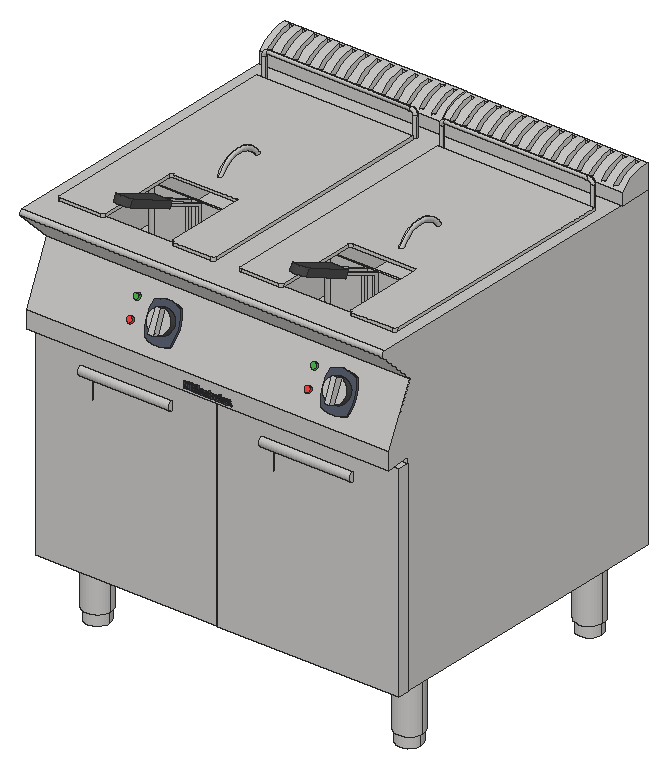
Revit family "QF_ELECTROLUXPROFESSIONAL_371082_E7FREH2GF0", category Specialty Equipment, Revit 2018 (continued)
Automatic sketch dimensions
  Extrusion 18 sketch curve to Extrusion 18 sketch curve = 0 mm
  Extrusion 18 sketch curve to Extrusion 18 sketch curve = 11.832 mm
  Extrusion 18 sketch curve to Extrusion 18 sketch curve = 106.78 mm
  Extrusion 18 sketch curve to Extrusion 18 sketch curve = 18.617 mm
  Extrusion 20 sketch curve to plane 11 = 1.013 mm
  Extrusion 20 sketch curve to plane 11 = 3.696 mm
  Extrusion 20 sketch curve to plane 10 "TOP A" = 11.567 mm
  Extrusion 20 sketch curve to plane 11 = 84.899 mm
  Extrusion 20 sketch curve to plane 10 "TOP A" = 7.522 mm
  Extrusion 20 sketch curve to Extrusion 20 sketch curve = 6.35 mm
  Extrusion 20 sketch curve to Extrusion 20 sketch curve = 97.432 mm
  Extrusion 21 sketch curve to plane 11 = 1.013 mm
  Extrusion 21 sketch curve to plane 11 = 3.696 mm
  Extrusion 21 sketch curve to plane 10 "TOP A" = 11.567 mm
  Extrusion 21 sketch curve to plane 11 = 84.899 mm
  Extrusion 21 sketch curve to Extrusion 21 sketch curve = 6.35 mm
  Extrusion 21 sketch curve to Extrusion 21 sketch curve = 97.432 mm
  Extrusion 21 sketch curve to plane 10 "TOP A" = 7.522 mm
  plane 1 "BACK" to Extrusion 23 sketch curve = 6.761 mm
  Extrusion 23 sketch curve to plane 7 "Center Y" = 15.351 mm
  Extrusion 23 sketch curve to Extrusion 23 sketch curve = 9.296 mm
  Extrusion 23 sketch curve to Extrusion 23 sketch curve = 57.15 mm
  plane 1 "BACK" to Extrusion 24 sketch curve = 6.761 mm
  plane 3 "LEFT" to Extrusion 24 sketch curve = 50.591 mm
  Extrusion 24 sketch curve to Extrusion 24 sketch curve = 9.296 mm
  Extrusion 24 sketch curve to Extrusion 24 sketch curve = 57.15 mm
  plane 1 "BACK" to Extrusion 25 sketch curve = 6.761 mm
  plane 3 "LEFT" to Extrusion 25 sketch curve = 78.433 mm
  Extrusion 25 sketch curve to Extrusion 25 sketch curve = 9.296 mm
  Extrusion 25 sketch curve to Extrusion 25 sketch curve = 57.15 mm
  plane 1 "BACK" to Extrusion 26 sketch curve = 6.761 mm
  plane 3 "LEFT" to Extrusion 26 sketch curve = 106.275 mm
  Extrusion 26 sketch curve to Extrusion 26 sketch curve = 9.296 mm
  Extrusion 26 sketch curve to Extrusion 26 sketch curve = 57.15 mm
  plane 1 "BACK" to Extrusion 27 sketch curve = 6.761 mm
  plane 3 "LEFT" to Extrusion 27 sketch curve = 134.118 mm
  Extrusion 27 sketch curve to Extrusion 27 sketch curve = 9.296 mm
  Extrusion 27 sketch curve to Extrusion 27 sketch curve = 57.15 mm
  plane 1 "BACK" to Extrusion 28 sketch curve = 6.761 mm
  plane 3 "LEFT" to Extrusion 28 sketch curve = 161.96 mm
  Extrusion 28 sketch curve to Extrusion 28 sketch curve = 9.296 mm
  Extrusion 28 sketch curve to Extrusion 28 sketch curve = 57.15 mm
  plane 1 "BACK" to Extrusion 29 sketch curve = 6.761 mm
  plane 3 "LEFT" to Extrusion 29 sketch curve = 189.802 mm
  Extrusion 29 sketch curve to Extrusion 29 sketch curve = 9.296 mm
  Extrusion 29 sketch curve to Extrusion 29 sketch curve = 57.15 mm
  plane 1 "BACK" to Extrusion 30 sketch curve = 6.761 mm
  Extrusion 30 sketch curve to plane 7 "Center Y" = 182.405 mm
  Extrusion 30 sketch curve to Extrusion 30 sketch curve = 9.296 mm
  Extrusion 30 sketch curve to Extrusion 30 sketch curve = 57.15 mm
  plane 1 "BACK" to Extrusion 31 sketch curve = 6.761 mm
  Extrusion 31 sketch curve to plane 7 "Center Y" = 154.563 mm
  Extrusion 31 sketch curve to Extrusion 31 sketch curve = 9.296 mm
  Extrusion 31 sketch curve to Extrusion 31 sketch curve = 57.15 mm
  plane 1 "BACK" to Extrusion 32 sketch curve = 6.761 mm
  Extrusion 32 sketch curve to plane 7 "Center Y" = 126.721 mm
  Extrusion 32 sketch curve to Extrusion 32 sketch curve = 9.296 mm
  Extrusion 32 sketch curve to Extrusion 32 sketch curve = 57.15 mm
  plane 1 "BACK" to Extrusion 33 sketch curve = 6.761 mm
  Extrusion 33 sketch curve to plane 7 "Center Y" = 98.878 mm
  Extrusion 33 sketch curve to Extrusion 33 sketch curve = 9.296 mm
  Extrusion 33 sketch curve to Extrusion 33 sketch curve = 57.15 mm
  plane 1 "BACK" to Extrusion 34 sketch curve = 6.761 mm
  Extrusion 34 sketch curve to plane 7 "Center Y" = 71.036 mm
  Extrusion 34 sketch curve to Extrusion 34 sketch curve = 9.296 mm
  Extrusion 34 sketch curve to Extrusion 34 sketch curve = 57.15 mm
  plane 1 "BACK" to Extrusion 35 sketch curve = 6.761 mm
  Extrusion 35 sketch curve to plane 7 "Center Y" = 43.194 mm
  Extrusion 35 sketch curve to Extrusion 35 sketch curve = 9.296 mm
  Extrusion 35 sketch curve to Extrusion 35 sketch curve = 57.15 mm
  Extrusion 37 sketch curve to plane 1 "BACK" = 6.761 mm
  Extrusion 37 sketch curve to plane 7 "Center Y" = 15.351 mm
  Extrusion 37 sketch curve to Extrusion 37 sketch curve = 9.296 mm
  Extrusion 37 sketch curve to Extrusion 37 sketch curve = 57.15 mm
  Extrusion 44 sketch curve to plane 1 "BACK" = 6.761 mm
  Extrusion 44 sketch curve to plane 7 "Center Y" = 182.405 mm
  Extrusion 44 sketch curve to Extrusion 44 sketch curve = 9.296 mm
  Extrusion 44 sketch curve to Extrusion 44 sketch curve = 57.15 mm
  Extrusion 45 sketch curve to plane 1 "BACK" = 6.761 mm
  Extrusion 45 sketch curve to plane 7 "Center Y" = 154.563 mm
  Extrusion 45 sketch curve to Extrusion 45 sketch curve = 9.296 mm
  Extrusion 45 sketch curve to Extrusion 45 sketch curve = 57.15 mm
  Extrusion 46 sketch curve to plane 1 "BACK" = 6.761 mm
  Extrusion 46 sketch curve to plane 7 "Center Y" = 126.721 mm
  Extrusion 46 sketch curve to Extrusion 46 sketch curve = 9.296 mm
  Extrusion 46 sketch curve to Extrusion 46 sketch curve = 57.15 mm
  Extrusion 47 sketch curve to plane 1 "BACK" = 6.761 mm
  Extrusion 47 sketch curve to plane 7 "Center Y" = 98.878 mm
  Extrusion 47 sketch curve to Extrusion 47 sketch curve = 9.296 mm
  Extrusion 47 sketch curve to Extrusion 47 sketch curve = 57.15 mm
  Extrusion 48 sketch curve to plane 1 "BACK" = 6.761 mm
  Extrusion 48 sketch curve to plane 7 "Center Y" = 71.036 mm
  Extrusion 48 sketch curve to Extrusion 48 sketch curve = 9.296 mm
  Extrusion 48 sketch curve to Extrusion 48 sketch curve = 57.15 mm
  Extrusion 49 sketch curve to plane 1 "BACK" = 6.761 mm
  Extrusion 49 sketch curve to plane 7 "Center Y" = 43.194 mm
  Extrusion 49 sketch curve to Extrusion 49 sketch curve = 9.296 mm
  Extrusion 49 sketch curve to Extrusion 49 sketch curve = 57.15 mm
  plane 1 "BACK" to Extrusion 50 sketch curve = 0 mm
  plane 7 "Center Y" to Extrusion 50 sketch curve = 1.587 mm
  Extrusion 50 sketch curve to plane 7 "Center Y" = 1.588 mm
  Extrusion 50 sketch curve to plane 1 "BACK" = 69.85 mm
  Extrusion 52 sketch curve to plane 5 "FRONT" = 42.863 mm
  Extrusion 52 sketch curve to Extrusion 52 sketch curve = 15 mm
  Extrusion 52 sketch curve to plane 9 "BASE" = 101.212 mm
  Extrusion 52 sketch curve to Extrusion 52 sketch curve = 41.212 mm
  Extrusion 53 sketch curve to plane 5 "FRONT" = 42.863 mm
  Extrusion 53 sketch curve to plane 9 "BASE" = 60 mm
  Extrusion 53 sketch curve to Extrusion 53 sketch curve = 10 mm
  Extrusion 54 sketch curve to plane 5 "FRONT" = 42.863 mm
  Extrusion 54 sketch curve to Extrusion 54 sketch curve = 15 mm
  Extrusion 54 sketch curve to plane 9 "BASE" = 60 mm
  Extrusion 54 sketch curve to Extrusion 54 sketch curve = 41.212 mm
  Extrusion 55 sketch curve to plane 5 "FRONT" = 42.863 mm
  Extrusion 55 sketch curve to plane 9 "BASE" = 40 mm
  Extrusion 55 sketch curve to Extrusion 55 sketch curve = 10 mm
  Revolve 56 sketch curve to level = 0 mm
  Revolve 56 sketch curve to plane 14 = 0 mm  (x2)
  level to Revolve 56 sketch curve = 25 mm
  Revolve 56 sketch curve to Revolve 56 sketch curve = 20 mm
  plane 3 "LEFT" to Revolve 56 sketch curve = 56 mm
  Revolve 56 sketch curve to Revolve 56 sketch curve = 0 mm
  plane 3 "LEFT" to Revolve 56 sketch curve = 29.75 mm
  plane 3 "LEFT" to Revolve 56 sketch curve = 26 mm
  Revolve 57 sketch curve to level = 0 mm
  Revolve 57 sketch curve to plane 14 = 0 mm  (x2)
  level to Revolve 57 sketch curve = 25 mm
  Revolve 57 sketch curve to Revolve 57 sketch curve = 20 mm
  plane 3 "LEFT" to Revolve 57 sketch curve = 56 mm
  Revolve 57 sketch curve to Revolve 57 sketch curve = 0 mm
  plane 3 "LEFT" to Revolve 57 sketch curve = 29.75 mm
  plane 3 "LEFT" to Revolve 57 sketch curve = 26 mm
  plane 3 "LEFT" to curve 170 = 13.453 mm
  curve 170 to curve 170 = 9.296 mm
  curve 170 to curve 172 = 18.547 mm
  curve 172 to curve 172 = 9.296 mm
  curve 172 to curve 173 = 18.547 mm
  curve 173 to curve 173 = 9.296 mm
  curve 173 to curve 174 = 18.547 mm
  curve 174 to curve 174 = 9.296 mm
  curve 174 to curve 175 = 18.547 mm
  curve 175 to curve 175 = 9.296 mm
  curve 175 to curve 176 = 18.547 mm
  curve 176 to curve 176 = 9.296 mm
  curve 176 to curve 177 = 18.547 mm
  curve 177 to curve 177 = 9.296 mm
  curve 177 to curve 178 = 18.547 mm
  curve 178 to curve 178 = 9.296 mm
  curve 178 to curve 179 = 18.547 mm
  curve 179 to curve 179 = 9.296 mm
  curve 179 to curve 180 = 18.547 mm
  curve 180 to curve 180 = 9.296 mm
  curve 180 to curve 181 = 18.547 mm
  curve 181 to curve 181 = 9.296 mm
  curve 181 to curve 182 = 18.547 mm
  curve 182 to curve 182 = 9.296 mm
  curve 182 to curve 183 = 18.547 mm
  curve 183 to curve 183 = 9.296 mm
  curve 183 to curve 171 = 18.547 mm
  curve 171 to curve 171 = 9.296 mm
  plane 7 "Center Y" to curve 185 = 15.351 mm
  curve 185 to curve 185 = 9.296 mm
  curve 185 to curve 197 = 18.547 mm
  curve 197 to curve 197 = 9.296 mm
  curve 197 to curve 196 = 18.547 mm
  curve 196 to curve 196 = 9.296 mm
  curve 196 to curve 195 = 18.547 mm
  curve 195 to curve 195 = 9.296 mm
  curve 195 to curve 194 = 18.547 mm
  curve 194 to curve 194 = 9.296 mm
  curve 194 to curve 193 = 18.547 mm
  curve 193 to curve 193 = 9.296 mm
  curve 193 to curve 192 = 18.547 mm
  curve 192 to curve 192 = 9.296 mm
  curve 192 to curve 191 = 18.547 mm
  curve 191 to curve 191 = 9.296 mm
  curve 191 to curve 190 = 18.547 mm
  curve 190 to curve 190 = 9.296 mm
  curve 190 to curve 189 = 18.547 mm
  curve 189 to curve 189 = 9.296 mm
  curve 189 to curve 188 = 18.547 mm
  curve 188 to curve 188 = 9.296 mm
  curve 188 to curve 187 = 18.547 mm
  curve 187 to curve 187 = 9.296 mm
  curve 187 to curve 186 = 18.547 mm
  curve 186 to curve 186 = 9.296 mm
  curve 186 to curve 184 = 18.547 mm
  curve 184 to curve 184 = 9.296 mm
  plane 1 "BACK" to curve 170 = 63.911 mm
  plane 1 "BACK" to curve 171 = 63.911 mm
  curve 170 to curve 172 = 0 mm
  curve 172 to curve 173 = 0 mm
  curve 173 to curve 174 = 0 mm
  curve 174 to curve 175 = 0 mm
  curve 175 to curve 176 = 0 mm
  curve 176 to curve 177 = 0 mm
  curve 177 to curve 178 = 0 mm
  curve 178 to curve 179 = 0 mm
  curve 179 to curve 180 = 0 mm
  curve 180 to curve 181 = 0 mm
  curve 181 to curve 182 = 0 mm
  curve 182 to curve 183 = 0 mm
  plane 1 "BACK" to curve 184 = 63.911 mm
  curve 171 to curve 185 = 0 mm
  curve 186 to curve 184 = 0 mm
  curve 187 to curve 186 = 0 mm
  curve 188 to curve 187 = 0 mm
  curve 189 to curve 188 = 0 mm
  curve 190 to curve 189 = 0 mm
  curve 191 to curve 190 = 0 mm
  curve 192 to curve 191 = 0 mm
  curve 193 to curve 192 = 0 mm
  curve 194 to curve 193 = 0 mm
  curve 195 to curve 194 = 0 mm
  curve 196 to curve 195 = 0 mm
  curve 197 to curve 196 = 0 mm
  Extrusion 2 sketch curve to plane 10 "TOP A" = 0 mm
  Extrusion 2 sketch curve to plane 1 "BACK" = 0 mm
  Extrusion 2 sketch curve to plane 6 "TOP" = 0 mm
  plane 1 "BACK" to Extrusion 2 sketch curve = 1.769 mm
  plane 10 "TOP A" to Extrusion 2 sketch curve = 25.4 mm
  plane 1 "BACK" to Extrusion 2 sketch curve = 69.85 mm
  plane 12 to Extrusion 3 sketch curve = 0.124 mm  (x2)
  Extrusion 3 sketch curve to plane 4 "RIGHT" = 33.338 mm
  plane 7 "Center Y" to Extrusion 3 sketch curve = 26.988 mm
  Extrusion 3 sketch curve to plane 7 "Center Y" = 26.988 mm
  plane 3 "LEFT" to Extrusion 3 sketch curve = 33.338 mm
  plane 11 to Extrusion 3 sketch curve = 57.877 mm
  Extrusion 3 sketch curve to Extrusion 3 sketch curve = 0 mm
  Extrusion 5 sketch curve to Extrusion 1 = 31.333 mm  (x4)
  Extrusion 5 sketch curve to Extrusion 5 sketch curve = 12.3 mm  (x6)
  Extrusion 5 sketch curve to Extrusion 5 sketch curve = 34.925 mm  (x4)
  Extrusion 1 to Extrusion 5 sketch curve = 44.467 mm  (x2)
  Extrusion 1 to Extrusion 5 sketch curve = 76.335 mm
  Extrusion 5 sketch curve to Extrusion 5 sketch curve = 25.727 mm  (x4)
  Extrusion 5 sketch curve to Extrusion 5 sketch curve = 28.575 mm  (x2)
  Extrusion 5 sketch curve to Extrusion 5 sketch curve = 280.219 mm
  Extrusion 6 sketch curve to Extrusion 6 sketch curve = 0 mm
  Extrusion 6 sketch curve to Extrusion 6 sketch curve = 388.937 mm
  Extrusion 7 sketch curve to Extrusion 7 sketch curve = 24.732 mm  (x2)
  Extrusion 7 sketch curve to Extrusion 7 sketch curve = 0 mm  (x2)
  Extrusion 1 to Extrusion 8 sketch curve = 39.678 mm  (x2)
  Extrusion 1 to Extrusion 8 sketch curve = 194.515 mm
  Extrusion 1 to Extrusion 8 sketch curve = 213.473 mm
  Extrusion 9 sketch curve to Extrusion 1 = 50.809 mm  (x2)
  Extrusion 1 to Extrusion 9 sketch curve = 194.515 mm
  Extrusion 1 to Extrusion 9 sketch curve = 213.473 mm
  plane 1 "BACK" to Extrusion 10 sketch curve = 0 mm
  Extrusion 10 sketch curve to plane 3 "LEFT" = 0 mm
  Extrusion 10 sketch curve to plane 4 "RIGHT" = 0 mm
  Extrusion 10 sketch curve to plane 3 "LEFT" = 150.019 mm
  plane 5 "FRONT" to Extrusion 10 sketch curve = 1.377 mm  (x2)
  plane 4 "RIGHT" to Extrusion 10 sketch curve = 150.019 mm
  Extrusion 10 sketch curve to plane 1 "BACK" = 150.019 mm
  curve 168 to plane 4 "RIGHT" = 0 mm
  curve 7 to plane 4 "RIGHT" = 0 mm
  plane 5 "FRONT" to curve 169 = 0 mm
  plane 1 "BACK" to curve 163 = 0 mm
  curve 6 to plane 3 "LEFT" = 0 mm
  curve 166 to plane 3 "LEFT" = 0 mm
  plane 4 "RIGHT" to curve 3 = 150.019 mm
  curve 122 to curve 121 = 9.296 mm
  curve 56 to plane 4 "RIGHT" = 26.987 mm
  curve 44 to curve 44 = 6.35 mm
  curve 43 to curve 78 = 10.61 mm
  plane 1 "BACK" to curve 129 = 6.761 mm
  curve 121 to curve 129 = 18.547 mm
  curve 128 to curve 127 = 9.296 mm
  curve 127 to curve 131 = 18.547 mm
  curve 169 to plane 4 "RIGHT" = 74.24 mm
  curve 131 to curve 132 = 9.296 mm
  curve 130 to curve 134 = 18.547 mm
  curve 169 to curve 46 = 47.997 mm
  curve 48 to plane 4 "RIGHT" = 128.587 mm
  curve 47 to curve 48 = 6.35 mm
  plane 1 "BACK" to curve 140 = 6.761 mm
  curve 136 to curve 140 = 18.547 mm
  curve 140 to curve 139 = 9.296 mm
  curve 47 to curve 67 = 54.879 mm
  curve 60 to curve 67 = 0 mm
  curve 60 to curve 67 = 3.442 mm
  curve 143 to curve 142 = 9.296 mm
  curve 58 to curve 64 = 4.079 mm
  curve 48 to curve 68 = 60.633 mm
  curve 64 to curve 63 = 5.857 mm
  curve 68 to curve 70 = 4.449 mm
  curve 67 to curve 60 = 18.617 mm
  curve 67 to curve 60 = 0 mm
  curve 63 to curve 66 = 17.363 mm
  curve 146 to curve 147 = 9.296 mm
  curve 66 to curve 65 = 5.857 mm
  curve 61 to curve 62 = 37.235 mm
  plane 1 "BACK" to curve 150 = 6.761 mm
  curve 145 to curve 150 = 18.547 mm
  curve 149 to curve 148 = 9.296 mm
  curve 65 to curve 50 = 51.399 mm
  curve 152 to curve 151 = 9.296 mm
  curve 62 to curve 62 = 53.67 mm
  curve 51 to curve 53 = 6.35 mm
  plane 1 "BACK" to curve 156 = 6.761 mm
  curve 151 to curve 156 = 18.547 mm
  curve 155 to curve 156 = 9.296 mm
  curve 158 to curve 159 = 9.296 mm
  plane 7 "Center Y" to curve 169 = 54.971 mm
  curve 157 to curve 161 = 18.547 mm
  curve 161 to curve 160 = 9.296 mm
  plane 7 "Center Y" to curve 53 = 33.338 mm
  plane 7 "Center Y" to curve 79 = 28.891 mm
  curve 54 to curve 54 = 6.35 mm
  curve 160 to curve 125 = 18.547 mm
  curve 125 to curve 124 = 9.296 mm
  plane 7 "Center Y" to curve 168 = 3.9 mm
  plane 7 "Center Y" to curve 163 = 1.588 mm
  curve 164 to plane 7 "Center Y" = 1.587 mm
  curve 166 to plane 7 "Center Y" = 3.9 mm
  plane 1 "BACK" to curve 82 = 6.761 mm
  curve 164 to curve 82 = 13.764 mm
  curve 24 to plane 7 "Center Y" = 26.988 mm
  curve 23 to curve 77 = 1.903 mm
  curve 22 to curve 22 = 6.35 mm
  curve 83 to curve 118 = 18.547 mm
  curve 118 to curve 120 = 9.296 mm
  curve 167 to plane 7 "Center Y" = 54.971 mm
  curve 116 to curve 112 = 18.547 mm
  curve 112 to curve 113 = 9.296 mm
  curve 22 to curve 20 = 82.55 mm
  curve 18 to plane 7 "Center Y" = 122.238 mm
  plane 1 "BACK" to curve 109 = 6.761 mm
  curve 113 to curve 109 = 18.547 mm
  curve 18 to curve 17 = 6.35 mm
  curve 109 to curve 110 = 9.296 mm
  plane 1 "BACK" to curve 108 = 6.761 mm
  curve 110 to curve 108 = 18.547 mm
  curve 106 to curve 107 = 9.296 mm
  curve 27 to plane 11 = 5.711 mm
  curve 19 to curve 27 = 53.67 mm
  curve 26 to curve 34 = 4.079 mm
  curve 107 to curve 103 = 18.547 mm
  curve 34 to curve 35 = 5.857 mm
  curve 103 to curve 104 = 9.296 mm
  curve 36 to curve 36 = 18.617 mm
  curve 29 to curve 36 = 0 mm
  plane 8 "Center X" to curve 38 = 38.031 mm
  curve 18 to curve 38 = 66.994 mm
  curve 40 to curve 40 = 4.449 mm
  curve 35 to curve 32 = 17.363 mm
  curve 32 to curve 33 = 5.857 mm
  plane 1 "BACK" to curve 102 = 6.761 mm
  curve 104 to curve 102 = 18.547 mm
  curve 33 to curve 28 = 4.079 mm
  curve 36 to curve 36 = 3.442 mm
  curve 36 to curve 29 = 3.442 mm
  curve 100 to curve 101 = 9.296 mm
  curve 101 to curve 97 = 18.547 mm
  curve 97 to curve 99 = 9.296 mm
  curve 33 to curve 17 = 56.049 mm
  plane 1 "BACK" to curve 94 = 6.761 mm
  curve 98 to curve 94 = 18.547 mm
  curve 16 to curve 15 = 6.35 mm
  curve 94 to curve 95 = 9.296 mm
  curve 15 to curve 14 = 6.35 mm
  curve 95 to curve 91 = 18.547 mm
  plane 1 "BACK" to curve 88 = 6.761 mm
  curve 92 to curve 88 = 18.547 mm
  curve 167 to curve 5 = 74.24 mm
  curve 88 to curve 90 = 9.296 mm
  plane 3 "LEFT" to curve 75 = 37.598 mm
  plane 3 "LEFT" to curve 12 = 33.338 mm
  curve 75 to curve 11 = 10.61 mm
  curve 8 to curve 9 = 9.296 mm
  plane 5 "FRONT" to curve 1 = 1.377 mm
  curve 1 to plane 3 "LEFT" = 150.019 mm
  curve 1 to plane 1 "BACK" = 150.019 mm
  plane 1 "BACK" to curve 162 = 6.761 mm
  plane 1 "BACK" to curve 98 = 6.761 mm
  plane 1 "BACK" to curve 8 = 6.761 mm
  plane 1 "BACK" to curve 93 = 6.761 mm
  plane 1 "BACK" to curve 159 = 6.761 mm
  plane 1 "BACK" to curve 87 = 6.761 mm
  plane 1 "BACK" to curve 153 = 6.761 mm
  plane 1 "BACK" to curve 147 = 6.761 mm
  plane 1 "BACK" to curve 103 = 6.761 mm
  plane 1 "BACK" to curve 144 = 6.761 mm
  plane 1 "BACK" to curve 138 = 6.761 mm
  plane 1 "BACK" to curve 112 = 6.761 mm
  plane 1 "BACK" to curve 135 = 6.761 mm
  plane 1 "BACK" to curve 115 = 6.761 mm
  plane 1 "BACK" to curve 132 = 6.761 mm
  plane 1 "BACK" to curve 118 = 6.761 mm
  plane 1 "BACK" to curve 121 = 6.761 mm
  plane 1 "BACK" to curve 126 = 6.761 mm
  curve 125 to curve 125 = 57.15 mm
  curve 127 to curve 121 = 0 mm
  curve 130 to curve 127 = 0 mm
  curve 133 to curve 130 = 0 mm
  curve 136 to curve 133 = 0 mm
  curve 139 to curve 136 = 0 mm
  curve 142 to curve 139 = 0 mm
  curve 145 to curve 142 = 0 mm
  curve 118 to curve 82 = 0 mm
  curve 148 to curve 145 = 0 mm
  curve 8 to curve 85 = 0 mm
  curve 151 to curve 148 = 0 mm
  curve 85 to curve 88 = 0 mm
  curve 154 to curve 151 = 0 mm
  curve 88 to curve 91 = 0 mm
  curve 157 to curve 154 = 0 mm
  curve 94 to curve 98 = 0 mm
  curve 125 to curve 160 = 0 mm
  curve 82 to curve 164 = 5.939 mm
  curve 25 to curve 165 = 0 mm
  curve 125 to curve 78 = 36.504 mm
  curve 83 to curve 77 = 36.504 mm
  curve 74 to curve 75 = 7.655 mm
  curve 78 to curve 79 = 7.655 mm
  curve 79 to curve 56 = 4.767 mm
  curve 75 to curve 11 = 4.767 mm
  plane 8 "Center X" to curve 71 = 38.031 mm
  curve 37 to plane 8 "Center X" = 63.432 mm
  curve 70 to plane 8 "Center X" = 63.432 mm
  curve 69 to curve 50 = 46.229 mm
  curve 37 to curve 16 = 46.229 mm
  curve 50 to curve 72 = 22.324 mm
  curve 16 to curve 41 = 22.324 mm
  curve 72 to curve 73 = 3.175 mm
  curve 41 to curve 42 = 3.175 mm
  curve 66 to plane 11 = 5.711 mm
  plane 11 to curve 55 = 57.877 mm
  plane 11 to curve 19 = 57.877 mm
  plane 11 to curve 43 = 57.877 mm
  plane 11 to curve 15 = 57.877 mm
  curve 11 to curve 166 = 31.626 mm
  curve 43 to curve 168 = 31.626 mm
  curve 30 to curve 36 = 33.188 mm
  curve 61 to curve 67 = 33.188 mm
  curve 67 to curve 60 = 6.713 mm
  curve 36 to curve 29 = 6.713 mm  (x2)
  curve 29 to curve 36 = 4.011 mm
  curve 60 to curve 67 = 4.011 mm
  curve 67 to curve 59 = 6.713 mm
  plane 5 "FRONT" to curve 3 = 1.377 mm
  Extrusion 11 sketch curve to plane 4 "RIGHT" = 26.988 mm
  Extrusion 11 sketch curve to Extrusion 11 sketch curve = 6.35 mm  (x8)
  Extrusion 11 sketch curve to Extrusion 11 sketch curve = 88.9 mm
  Extrusion 11 sketch curve to plane 4 "RIGHT" = 128.588 mm
  plane 7 "Center Y" to Extrusion 11 sketch curve = 128.588 mm
  plane 11 to Extrusion 11 sketch curve = 57.877 mm  (x4)
  plane 7 "Center Y" to Extrusion 11 sketch curve = 122.238 mm
  plane 7 "Center Y" to Extrusion 11 sketch curve = 33.338 mm
  Extrusion 11 sketch curve to plane 7 "Center Y" = 26.988 mm
  Extrusion 11 sketch curve to Extrusion 11 sketch curve = 82.55 mm
  plane 3 "LEFT" to Extrusion 11 sketch curve = 134.938 mm
  plane 3 "LEFT" to Extrusion 11 sketch curve = 128.588 mm
  plane 3 "LEFT" to Extrusion 11 sketch curve = 33.338 mm
  plane 3 "LEFT" to Extrusion 11 sketch curve = 26.988 mm
  Extrusion 11 sketch curve to plane 8 "Center X" = 116.012 mm  (x2)
  Extrusion 11 sketch curve to plane 12 = 34.801 mm  (x2)
  Sweep 12 sketch curve to plane 10 "TOP A" = 0 mm  (x2)
  Sweep 12 sketch curve to plane 6 "TOP" = 9.525 mm
  plane 3 "LEFT" to Sweep 12 sketch curve = 39.688 mm
  Sweep 12 sketch curve to Sweep 12 sketch curve = 6.35 mm  (x2)
  Sweep 12 sketch curve to plane 7 "Center Y" = 37.331 mm
  Sweep 12 sketch curve to profile plane = 2.09 mm
  profile plane to Sweep 12 sketch curve = 140.754 mm
  Extrusion 19 sketch curve to Extrusion 19 sketch curve = 0 mm  (x16)
  Extrusion 19 sketch curve to plane 4 "RIGHT" = 91.225 mm
  Extrusion 19 sketch curve to Extrusion 19 sketch curve = 3.175 mm  (x2)
  Extrusion 19 sketch curve to Extrusion 19 sketch curve = 22.225 mm  (x6)
  plane 7 "Center Y" to Extrusion 19 sketch curve = 105.625 mm  (x2)
  plane 12 to Extrusion 19 sketch curve = 44.673 mm
  Extrusion 19 sketch curve to plane 7 "Center Y" = 80.225 mm
  plane 3 "LEFT" to Extrusion 19 sketch curve = 116.625 mm  (x2)
  plane 12 to Extrusion 19 sketch curve = 41.498 mm
  Extrusion 19 sketch curve to plane 8 "Center X" = 116.11 mm  (x2)
  Sweep 22 sketch curve to plane 10 "TOP A" = 0 mm  (x2)
  Sweep 22 sketch curve to plane 6 "TOP" = 9.525 mm
  Sweep 22 sketch curve to plane 4 "RIGHT" = 39.688 mm
  Sweep 22 sketch curve to Sweep 22 sketch curve = 6.35 mm  (x2)
  plane 7 "Center Y" to Sweep 22 sketch curve = 37.331 mm
  profile plane to Sweep 22 sketch curve = 2.09 mm
  profile plane to Sweep 22 sketch curve = 140.754 mm
  Extrusion 36 sketch curve to plane 1 "BACK" = 6.761 mm
  plane 4 "RIGHT" to Extrusion 36 sketch curve = 22.749 mm
  Extrusion 36 sketch curve to Extrusion 36 sketch curve = 9.296 mm
  Extrusion 36 sketch curve to Extrusion 36 sketch curve = 57.15 mm
  Extrusion 38 sketch curve to plane 1 "BACK" = 6.761 mm
  plane 4 "RIGHT" to Extrusion 38 sketch curve = 50.591 mm
  Extrusion 38 sketch curve to Extrusion 38 sketch curve = 9.296 mm
  Extrusion 38 sketch curve to Extrusion 38 sketch curve = 57.15 mm
  Extrusion 39 sketch curve to plane 1 "BACK" = 6.761 mm
  plane 4 "RIGHT" to Extrusion 39 sketch curve = 78.433 mm
  Extrusion 39 sketch curve to Extrusion 39 sketch curve = 9.296 mm
  Extrusion 39 sketch curve to Extrusion 39 sketch curve = 57.15 mm
  Extrusion 40 sketch curve to plane 1 "BACK" = 6.761 mm
  plane 4 "RIGHT" to Extrusion 40 sketch curve = 106.275 mm
  Extrusion 40 sketch curve to Extrusion 40 sketch curve = 9.296 mm
  Extrusion 40 sketch curve to Extrusion 40 sketch curve = 57.15 mm
  Extrusion 41 sketch curve to plane 1 "BACK" = 6.761 mm
  plane 4 "RIGHT" to Extrusion 41 sketch curve = 134.118 mm
  Extrusion 41 sketch curve to Extrusion 41 sketch curve = 9.296 mm
  Extrusion 41 sketch curve to Extrusion 41 sketch curve = 57.15 mm
  Extrusion 42 sketch curve to plane 1 "BACK" = 6.761 mm
  plane 4 "RIGHT" to Extrusion 42 sketch curve = 161.96 mm
  Extrusion 42 sketch curve to Extrusion 42 sketch curve = 9.296 mm
  Extrusion 42 sketch curve to Extrusion 42 sketch curve = 57.15 mm
  Extrusion 43 sketch curve to plane 1 "BACK" = 6.761 mm
  plane 4 "RIGHT" to Extrusion 43 sketch curve = 189.802 mm
  Extrusion 43 sketch curve to Extrusion 43 sketch curve = 9.296 mm
  Extrusion 43 sketch curve to Extrusion 43 sketch curve = 57.15 mm
  Extrusion 51 sketch curve to Extrusion 1 = 0 mm
  Extrusion 1 to Extrusion 51 sketch curve = 12.7 mm
  Extrusion 1 to Extrusion 51 sketch curve = 398.463 mm
  Extrusion 51 sketch curve to Extrusion 51 sketch curve = 3.175 mm
  Revolve 58 sketch curve to level = 0 mm
  Revolve 58 sketch curve to plane 14 = 0 mm  (x2)
  level to Revolve 58 sketch curve = 25 mm
  Revolve 58 sketch curve to Revolve 58 sketch curve = 20 mm
  Revolve 58 sketch curve to plane 4 "RIGHT" = 26 mm
  Revolve 58 sketch curve to Revolve 58 sketch curve = 3.75 mm
  Revolve 58 sketch curve to Revolve 58 sketch curve = 30 mm
  Revolve 58 sketch curve to Revolve 58 sketch curve = 0 mm
  Revolve 59 sketch curve to level = 0 mm
  Revolve 59 sketch curve to plane 14 = 0 mm  (x2)
  level to Revolve 59 sketch curve = 25 mm
  Revolve 59 sketch curve to Revolve 59 sketch curve = 20 mm
  Revolve 59 sketch curve to plane 4 "RIGHT" = 26 mm
  Revolve 59 sketch curve to Revolve 59 sketch curve = 3.75 mm
  Revolve 59 sketch curve to Revolve 59 sketch curve = 30 mm
  Revolve 59 sketch curve to Revolve 59 sketch curve = 0 mm
  Extrusion 60 sketch curve to plane 4 "RIGHT" = 0 mm
  Extrusion 60 sketch curve to plane 3 "LEFT" = 0 mm
  plane 7 "Center Y" to Extrusion 60 sketch curve = 1.588 mm
  Extrusion 60 sketch curve to plane 7 "Center Y" = 1.588 mm
  Extrusion 60 sketch curve to plane 5 "FRONT" = 42.863 mm  (x2)
  curve 122 to plane 4 "RIGHT" = 13.453 mm
  curve 134 to curve 133 = 9.296 mm
  curve 133 to curve 138 = 18.547 mm
  curve 137 to curve 138 = 9.296 mm
  curve 139 to curve 143 = 18.547 mm
  curve 142 to curve 146 = 18.547 mm
  curve 148 to curve 152 = 18.547 mm
  curve 154 to curve 158 = 18.547 mm
  curve 82 to curve 84 = 9.296 mm
  curve 119 to curve 115 = 18.547 mm
  curve 115 to curve 116 = 9.296 mm
  curve 91 to curve 92 = 9.296 mm
  curve 89 to curve 85 = 18.547 mm
  curve 85 to curve 86 = 9.296 mm
  curve 86 to curve 10 = 18.547 mm
  curve 112 to curve 112 = 57.15 mm
  curve 113 to curve 112 = 0 mm
  curve 112 to curve 115 = 0 mm
  curve 116 to curve 115 = 0 mm
  curve 115 to curve 118 = 0 mm
  curve 110 to curve 113 = 0 mm
  curve 110 to curve 109 = 0 mm
  curve 119 to curve 118 = 0 mm
  curve 121 to curve 165 = 5.939 mm
  curve 121 to curve 122 = 0 mm
  curve 124 to curve 125 = 0 mm
  curve 107 to curve 110 = 0 mm
  curve 107 to curve 106 = 0 mm
  curve 127 to curve 128 = 0 mm
  curve 104 to curve 107 = 0 mm
  curve 104 to curve 103 = 0 mm
  curve 130 to curve 131 = 0 mm
  curve 133 to curve 134 = 0 mm
  curve 101 to curve 104 = 0 mm
  curve 101 to curve 100 = 0 mm
  curve 136 to curve 137 = 0 mm
  curve 139 to curve 140 = 0 mm
  curve 98 to curve 101 = 0 mm
  curve 98 to curve 97 = 0 mm
  curve 142 to curve 143 = 0 mm
  curve 86 to curve 25 = 5.939 mm
  curve 86 to curve 85 = 0 mm
  curve 95 to curve 94 = 0 mm
  curve 145 to curve 146 = 0 mm
  curve 148 to curve 149 = 0 mm
  curve 92 to curve 91 = 0 mm
  curve 151 to curve 152 = 0 mm
  curve 154 to curve 155 = 0 mm
  curve 89 to curve 88 = 0 mm
  curve 9 to curve 8 = 0 mm
  curve 160 to curve 161 = 0 mm
  curve 83 to curve 82 = 0 mm
  curve 157 to curve 158 = 0 mm
  plane 9 "BASE" to Extrusion 62 sketch curve = 9.251 mm
  plane 9 "BASE" to Extrusion 62 sketch curve = 14.292 mm
  plane 7 "Center Y" to Extrusion 62 sketch curve = 5.651 mm
  plane 9 "BASE" to Extrusion 62 sketch curve = 14.311 mm
  Extrusion 62 sketch curve to Extrusion 62 sketch curve = 0 mm  (x28)
  Extrusion 62 sketch curve to Extrusion 62 sketch curve = 5.108 mm  (x2)
  Extrusion 62 sketch curve to Extrusion 62 sketch curve = 0.054 mm
  Extrusion 62 sketch curve to Extrusion 62 sketch curve = 0.218 mm
  Extrusion 62 sketch curve to Extrusion 62 sketch curve = 0.195 mm
  Extrusion 62 sketch curve to Extrusion 62 sketch curve = 0.249 mm
  plane 9 "BASE" to Extrusion 62 sketch curve = 14.608 mm
  Extrusion 62 sketch curve to Extrusion 62 sketch curve = 0.087 mm
  Extrusion 62 sketch curve to Extrusion 62 sketch curve = 0.358 mm
  Extrusion 62 sketch curve to Extrusion 62 sketch curve = 0.481 mm
  Extrusion 62 sketch curve to Extrusion 62 sketch curve = 0.597 mm
  Extrusion 62 sketch curve to Extrusion 62 sketch curve = 0.544 mm
  Extrusion 62 sketch curve to Extrusion 62 sketch curve = 0.936 mm
  Extrusion 62 sketch curve to Extrusion 62 sketch curve = 0.594 mm
  Extrusion 62 sketch curve to Extrusion 62 sketch curve = 0.343 mm
  Extrusion 62 sketch curve to Extrusion 62 sketch curve = 0.159 mm
  Extrusion 62 sketch curve to Extrusion 62 sketch curve = 0.826 mm
  Extrusion 62 sketch curve to Extrusion 62 sketch curve = 0.839 mm
  Extrusion 62 sketch curve to Extrusion 62 sketch curve = 0.852 mm
  Extrusion 62 sketch curve to Extrusion 62 sketch curve = 0.887 mm
  Extrusion 62 sketch curve to Extrusion 62 sketch curve = 0.928 mm
  Extrusion 62 sketch curve to Extrusion 62 sketch curve = 0.938 mm
  Extrusion 62 sketch curve to Extrusion 62 sketch curve = 0.444 mm
  Extrusion 62 sketch curve to Extrusion 62 sketch curve = 1.11 mm  (x3)
  Extrusion 62 sketch curve to Extrusion 62 sketch curve = 0.215 mm
  plane 7 "Center Y" to Extrusion 62 sketch curve = 0.014 mm
  Extrusion 62 sketch curve to Extrusion 62 sketch curve = 1.43 mm
  Extrusion 62 sketch curve to Extrusion 62 sketch curve = 1.188 mm
  Extrusion 62 sketch curve to Extrusion 62 sketch curve = 1.21 mm  (x2)
  Extrusion 62 sketch curve to Extrusion 62 sketch curve = 0.503 mm
  Extrusion 62 sketch curve to Extrusion 62 sketch curve = 0.488 mm
  Extrusion 62 sketch curve to Extrusion 62 sketch curve = 0.462 mm
  Extrusion 62 sketch curve to Extrusion 62 sketch curve = 1.386 mm
  Extrusion 62 sketch curve to Extrusion 62 sketch curve = 1.742 mm  (x2)
  Extrusion 62 sketch curve to Extrusion 62 sketch curve = 0.821 mm
  Extrusion 62 sketch curve to Extrusion 62 sketch curve = 0.497 mm
  Extrusion 62 sketch curve to Extrusion 62 sketch curve = 0.539 mm
  Extrusion 62 sketch curve to Extrusion 62 sketch curve = 0.686 mm
  Extrusion 62 sketch curve to plane 7 "Center Y" = 0.36 mm
  Extrusion 62 sketch curve to Extrusion 62 sketch curve = 0.408 mm
  Extrusion 62 sketch curve to Extrusion 62 sketch curve = 0.743 mm
  Extrusion 62 sketch curve to Extrusion 62 sketch curve = 1.16 mm
  Extrusion 62 sketch curve to Extrusion 62 sketch curve = 0.329 mm
  Extrusion 62 sketch curve to Extrusion 62 sketch curve = 1.054 mm
  Extrusion 62 sketch curve to Extrusion 62 sketch curve = 1.056 mm
  Extrusion 62 sketch curve to Extrusion 62 sketch curve = 0.129 mm
  Extrusion 62 sketch curve to Extrusion 62 sketch curve = 0.489 mm
  Extrusion 62 sketch curve to Extrusion 62 sketch curve = 0.441 mm
  Extrusion 62 sketch curve to Extrusion 62 sketch curve = 1.151 mm
  Extrusion 62 sketch curve to Extrusion 62 sketch curve = 1.141 mm  (x2)
  Extrusion 62 sketch curve to Extrusion 62 sketch curve = 0.768 mm
  Extrusion 62 sketch curve to Extrusion 62 sketch curve = 1.653 mm
  Extrusion 62 sketch curve to Extrusion 62 sketch curve = 0.499 mm
  Extrusion 62 sketch curve to Extrusion 62 sketch curve = 0.964 mm
  Extrusion 62 sketch curve to Extrusion 62 sketch curve = 0.949 mm
  Extrusion 62 sketch curve to Extrusion 62 sketch curve = 1.345 mm  (x2)
  Extrusion 62 sketch curve to Extrusion 62 sketch curve = 0.137 mm  (x2)
  Extrusion 62 sketch curve to Extrusion 62 sketch curve = 0.432 mm
  Extrusion 62 sketch curve to Extrusion 62 sketch curve = 1.142 mm
  Extrusion 62 sketch curve to Extrusion 62 sketch curve = 0.959 mm
  Extrusion 62 sketch curve to Extrusion 62 sketch curve = 0.176 mm
  Extrusion 62 sketch curve to Extrusion 62 sketch curve = 0.728 mm
  Extrusion 62 sketch curve to Extrusion 62 sketch curve = 3.375 mm  (x2)
  Extrusion 62 sketch curve to Extrusion 62 sketch curve = 1.905 mm
  Extrusion 62 sketch curve to Extrusion 62 sketch curve = 0.955 mm
  Extrusion 62 sketch curve to Extrusion 62 sketch curve = 1.251 mm
  Extrusion 62 sketch curve to Extrusion 62 sketch curve = 0.572 mm
  Extrusion 62 sketch curve to Extrusion 62 sketch curve = 1.92 mm
  Extrusion 62 sketch curve to Extrusion 62 sketch curve = 1.224 mm
  Extrusion 62 sketch curve to Extrusion 62 sketch curve = 0.745 mm
  Extrusion 62 sketch curve to Extrusion 62 sketch curve = 0.036 mm
  Extrusion 62 sketch curve to Extrusion 62 sketch curve = 0.896 mm  (x3)
  Extrusion 62 sketch curve to Extrusion 62 sketch curve = 2.607 mm
  Extrusion 62 sketch curve to Extrusion 62 sketch curve = 0.066 mm
  Extrusion 62 sketch curve to Extrusion 62 sketch curve = 0.248 mm
  Extrusion 62 sketch curve to Extrusion 62 sketch curve = 0.449 mm
  Extrusion 62 sketch curve to Extrusion 62 sketch curve = 1.052 mm
  Extrusion 62 sketch curve to Extrusion 62 sketch curve = 1.863 mm
  Extrusion 62 sketch curve to Extrusion 62 sketch curve = 1.31 mm  (x2)
  Extrusion 62 sketch curve to Extrusion 62 sketch curve = 0.901 mm
  Extrusion 62 sketch curve to Extrusion 62 sketch curve = 1.107 mm
  Extrusion 62 sketch curve to Extrusion 62 sketch curve = 2.122 mm
  Extrusion 62 sketch curve to Extrusion 62 sketch curve = 2.101 mm
  Extrusion 62 sketch curve to Extrusion 62 sketch curve = 0.106 mm
  Extrusion 62 sketch curve to Extrusion 62 sketch curve = 0.029 mm
  Extrusion 62 sketch curve to Extrusion 62 sketch curve = 2.09 mm
  Extrusion 62 sketch curve to Extrusion 62 sketch curve = 1.279 mm
  Extrusion 62 sketch curve to Extrusion 62 sketch curve = 2.008 mm
  Extrusion 62 sketch curve to Extrusion 62 sketch curve = 0.738 mm
  Extrusion 62 sketch curve to Extrusion 62 sketch curve = 0.382 mm
  Extrusion 62 sketch curve to Extrusion 62 sketch curve = 0.384 mm
  Extrusion 62 sketch curve to Extrusion 62 sketch curve = 0.002 mm
  Extrusion 62 sketch curve to Extrusion 62 sketch curve = 0.561 mm
  Extrusion 62 sketch curve to Extrusion 62 sketch curve = 0.592 mm
  Extrusion 62 sketch curve to Extrusion 62 sketch curve = 2.692 mm
  Extrusion 62 sketch curve to Extrusion 62 sketch curve = 1.259 mm
  Extrusion 62 sketch curve to Extrusion 62 sketch curve = 0.802 mm
  Extrusion 62 sketch curve to Extrusion 62 sketch curve = 1.024 mm
  Extrusion 62 sketch curve to Extrusion 62 sketch curve = 0.682 mm
  Extrusion 62 sketch curve to Extrusion 62 sketch curve = 5.934 mm
  Extrusion 62 sketch curve to Extrusion 62 sketch curve = 2.186 mm
  Extrusion 62 sketch curve to Extrusion 62 sketch curve = 0.337 mm
  Extrusion 62 sketch curve to Extrusion 62 sketch curve = 0.021 mm
  Extrusion 62 sketch curve to Extrusion 62 sketch curve = 1.005 mm
  Extrusion 62 sketch curve to Extrusion 62 sketch curve = 0.552 mm
  Extrusion 62 sketch curve to Extrusion 62 sketch curve = 0.778 mm
  Extrusion 62 sketch curve to Extrusion 62 sketch curve = 0.063 mm
  Extrusion 62 sketch curve to Extrusion 62 sketch curve = 1.023 mm
  Extrusion 62 sketch curve to Extrusion 62 sketch curve = 3.804 mm
  Extrusion 62 sketch curve to Extrusion 62 sketch curve = 0.486 mm
  Extrusion 62 sketch curve to Extrusion 62 sketch curve = 0.266 mm  (x2)
  Extrusion 62 sketch curve to plane 7 "Center Y" = 1.105 mm
  Extrusion 62 sketch curve to Extrusion 62 sketch curve = 1.547 mm
  Extrusion 62 sketch curve to Extrusion 62 sketch curve = 0.717 mm  (x2)
  Extrusion 62 sketch curve to Extrusion 62 sketch curve = 1.667 mm
  Extrusion 62 sketch curve to Extrusion 62 sketch curve = 3.174 mm
  plane 7 "Center Y" to Extrusion 62 sketch curve = 0.05 mm
  Extrusion 62 sketch curve to Extrusion 62 sketch curve = 0.388 mm
  Extrusion 62 sketch curve to Extrusion 62 sketch curve = 1.342 mm
  Extrusion 62 sketch curve to Extrusion 62 sketch curve = 1.521 mm
  Extrusion 62 sketch curve to Extrusion 62 sketch curve = 0.124 mm
  Extrusion 62 sketch curve to Extrusion 62 sketch curve = 0.291 mm
  plane 7 "Center Y" to Extrusion 62 sketch curve = 6.967 mm
  Extrusion 62 sketch curve to Extrusion 62 sketch curve = 1.049 mm  (x2)
  Extrusion 62 sketch curve to Extrusion 62 sketch curve = 1.7 mm
  Extrusion 62 sketch curve to Extrusion 62 sketch curve = 0.894 mm
  Extrusion 62 sketch curve to Extrusion 62 sketch curve = 0.989 mm
  Extrusion 62 sketch curve to Extrusion 62 sketch curve = 1.168 mm
  Extrusion 62 sketch curve to Extrusion 62 sketch curve = 1.594 mm
  Extrusion 62 sketch curve to Extrusion 62 sketch curve = 0.731 mm
  Extrusion 62 sketch curve to Extrusion 62 sketch curve = 1.566 mm
  Extrusion 62 sketch curve to Extrusion 62 sketch curve = 0.064 mm
  plane 7 "Center Y" to Extrusion 62 sketch curve = 7.523 mm
  Extrusion 62 sketch curve to Extrusion 62 sketch curve = 0.556 mm  (x2)
  Extrusion 62 sketch curve to Extrusion 62 sketch curve = 0.48 mm
  Extrusion 62 sketch curve to Extrusion 62 sketch curve = 0.228 mm
  Extrusion 62 sketch curve to Extrusion 62 sketch curve = 1.018 mm
  Extrusion 62 sketch curve to Extrusion 62 sketch curve = 0.787 mm
  Extrusion 62 sketch curve to Extrusion 62 sketch curve = 0.618 mm
  Extrusion 62 sketch curve to Extrusion 62 sketch curve = 1.672 mm
  Extrusion 62 sketch curve to Extrusion 62 sketch curve = 1.361 mm
  Extrusion 62 sketch curve to Extrusion 62 sketch curve = 0.822 mm
  Extrusion 62 sketch curve to Extrusion 62 sketch curve = 0.069 mm
  Extrusion 62 sketch curve to Extrusion 62 sketch curve = 1.88 mm
  Extrusion 62 sketch curve to Extrusion 62 sketch curve = 0.42 mm
  Extrusion 62 sketch curve to Extrusion 62 sketch curve = 0.062 mm
  Extrusion 62 sketch curve to Extrusion 62 sketch curve = 1.355 mm
  Extrusion 62 sketch curve to Extrusion 62 sketch curve = 2.34 mm
  Extrusion 62 sketch curve to Extrusion 62 sketch curve = 0.493 mm
  Extrusion 62 sketch curve to Extrusion 62 sketch curve = 0.136 mm
  Extrusion 62 sketch curve to Extrusion 62 sketch curve = 0.128 mm
  Extrusion 62 sketch curve to Extrusion 62 sketch curve = 3.616 mm
  Extrusion 62 sketch curve to Extrusion 62 sketch curve = 4.207 mm
  Extrusion 62 sketch curve to Extrusion 62 sketch curve = 0.183 mm
  Extrusion 62 sketch curve to Extrusion 62 sketch curve = 0.895 mm
  Extrusion 62 sketch curve to Extrusion 62 sketch curve = 1.314 mm
  Extrusion 62 sketch curve to Extrusion 62 sketch curve = 3.231 mm
  Extrusion 62 sketch curve to Extrusion 62 sketch curve = 1.299 mm
  Extrusion 62 sketch curve to Extrusion 62 sketch curve = 1.214 mm
  Extrusion 62 sketch curve to Extrusion 62 sketch curve = 1.264 mm
  Extrusion 62 sketch curve to Extrusion 62 sketch curve = 0.109 mm
  Extrusion 62 sketch curve to Extrusion 62 sketch curve = 0.357 mm
  Extrusion 62 sketch curve to Extrusion 62 sketch curve = 0.565 mm
  Extrusion 62 sketch curve to Extrusion 62 sketch curve = 2.504 mm
  Extrusion 62 sketch curve to Extrusion 62 sketch curve = 2.459 mm
  Extrusion 62 sketch curve to Extrusion 62 sketch curve = 1.322 mm
  Extrusion 62 sketch curve to Extrusion 62 sketch curve = 2.77 mm
  Extrusion 62 sketch curve to Extrusion 62 sketch curve = 2.51 mm
  Extrusion 62 sketch curve to Extrusion 62 sketch curve = 0.187 mm
  Extrusion 62 sketch curve to Extrusion 62 sketch curve = 2.559 mm
  Extrusion 62 sketch curve to Extrusion 62 sketch curve = 1.556 mm
  Extrusion 62 sketch curve to Extrusion 62 sketch curve = 0.222 mm
  Extrusion 62 sketch curve to Extrusion 62 sketch curve = 1.383 mm
  Extrusion 62 sketch curve to Extrusion 62 sketch curve = 3.114 mm
  Extrusion 62 sketch curve to Extrusion 62 sketch curve = 3.376 mm
  Extrusion 62 sketch curve to Extrusion 62 sketch curve = 0.934 mm
  Extrusion 62 sketch curve to Extrusion 62 sketch curve = 0.191 mm
  Extrusion 62 sketch curve to Extrusion 62 sketch curve = 3.696 mm
  Extrusion 62 sketch curve to Extrusion 62 sketch curve = 2.708 mm
  Extrusion 62 sketch curve to Extrusion 62 sketch curve = 3.333 mm
  Extrusion 62 sketch curve to Extrusion 62 sketch curve = 0.332 mm
  Extrusion 62 sketch curve to Extrusion 62 sketch curve = 1.087 mm
  Extrusion 62 sketch curve to Extrusion 62 sketch curve = 2.23 mm
  Extrusion 62 sketch curve to Extrusion 62 sketch curve = 2.757 mm
  Extrusion 62 sketch curve to Extrusion 62 sketch curve = 0.987 mm
  Extrusion 62 sketch curve to Extrusion 62 sketch curve = 1.529 mm
  Extrusion 62 sketch curve to Extrusion 62 sketch curve = 1.796 mm
  Extrusion 62 sketch curve to Extrusion 62 sketch curve = 2.859 mm
  Extrusion 62 sketch curve to Extrusion 62 sketch curve = 0.853 mm
  Extrusion 62 sketch curve to Extrusion 62 sketch curve = 1.241 mm
  Extrusion 62 sketch curve to Extrusion 62 sketch curve = 2.046 mm  (x2)
  Extrusion 62 sketch curve to Extrusion 62 sketch curve = 2.422 mm
  Extrusion 62 sketch curve to Extrusion 62 sketch curve = 0.27 mm
  Extrusion 62 sketch curve to Extrusion 62 sketch curve = 0.69 mm
  Extrusion 62 sketch curve to Extrusion 62 sketch curve = 0.781 mm  (x2)
  Extrusion 62 sketch curve to Extrusion 62 sketch curve = 3.136 mm
  Extrusion 62 sketch curve to Extrusion 62 sketch curve = 1.767 mm
  Extrusion 62 sketch curve to Extrusion 62 sketch curve = 0.138 mm
  Extrusion 62 sketch curve to Extrusion 62 sketch curve = 0.777 mm
  Extrusion 62 sketch curve to Extrusion 62 sketch curve = 1.19 mm
  Extrusion 62 sketch curve to Extrusion 62 sketch curve = 0.782 mm
  Extrusion 62 sketch curve to Extrusion 62 sketch curve = 1.268 mm
  Extrusion 62 sketch curve to Extrusion 62 sketch curve = 0.422 mm  (x2)
  Extrusion 62 sketch curve to Extrusion 62 sketch curve = 1.559 mm
  Extrusion 62 sketch curve to Extrusion 62 sketch curve = 3.927 mm
  Extrusion 62 sketch curve to Extrusion 62 sketch curve = 0.983 mm
  Extrusion 62 sketch curve to Extrusion 62 sketch curve = 1.134 mm
  Extrusion 62 sketch curve to Extrusion 62 sketch curve = 0.094 mm
  Extrusion 62 sketch curve to Extrusion 62 sketch curve = 1.584 mm
  plane 7 "Center Y" to Extrusion 62 sketch curve = 0.32 mm
  Extrusion 62 sketch curve to Extrusion 62 sketch curve = 0.916 mm
  Extrusion 62 sketch curve to Extrusion 62 sketch curve = 0.352 mm
  Extrusion 62 sketch curve to Extrusion 62 sketch curve = 0.458 mm
  Extrusion 62 sketch curve to Extrusion 62 sketch curve = 1.282 mm
  Extrusion 62 sketch curve to Extrusion 62 sketch curve = 1.363 mm
  Extrusion 62 sketch curve to Extrusion 62 sketch curve = 0.685 mm
  Extrusion 62 sketch curve to Extrusion 62 sketch curve = 0.905 mm
  Extrusion 62 sketch curve to Extrusion 62 sketch curve = 2.865 mm
  Extrusion 62 sketch curve to Extrusion 62 sketch curve = 0.472 mm
  Extrusion 62 sketch curve to Extrusion 62 sketch curve = 0.101 mm
  Extrusion 62 sketch curve to Extrusion 62 sketch curve = 0.54 mm
  Extrusion 62 sketch curve to Extrusion 62 sketch curve = 0.02 mm
  Extrusion 62 sketch curve to Extrusion 62 sketch curve = 0.468 mm
  Extrusion 62 sketch curve to Extrusion 62 sketch curve = 0.829 mm
  Extrusion 62 sketch curve to Extrusion 62 sketch curve = 0.582 mm
  Extrusion 62 sketch curve to Extrusion 62 sketch curve = 0.166 mm
  Extrusion 62 sketch curve to Extrusion 62 sketch curve = 0.16 mm
  Extrusion 62 sketch curve to Extrusion 62 sketch curve = 2.781 mm
  Extrusion 62 sketch curve to Extrusion 62 sketch curve = 1.118 mm
  Extrusion 62 sketch curve to Extrusion 62 sketch curve = 0.613 mm
  Extrusion 62 sketch curve to Extrusion 62 sketch curve = 0.361 mm
  Extrusion 62 sketch curve to Extrusion 62 sketch curve = 0.897 mm
  Extrusion 62 sketch curve to Extrusion 62 sketch curve = 0.167 mm
  Extrusion 62 sketch curve to Extrusion 62 sketch curve = 0.292 mm
  Extrusion 62 sketch curve to Extrusion 62 sketch curve = 0.305 mm
  Extrusion 62 sketch curve to Extrusion 62 sketch curve = 1.557 mm
  Extrusion 62 sketch curve to Extrusion 62 sketch curve = 2.499 mm
  Extrusion 62 sketch curve to Extrusion 62 sketch curve = 3.062 mm
  Extrusion 62 sketch curve to Extrusion 62 sketch curve = 2.968 mm
  Extrusion 62 sketch curve to Extrusion 62 sketch curve = 5.044 mm
  Extrusion 62 sketch curve to Extrusion 62 sketch curve = 0.629 mm  (x2)
  Extrusion 62 sketch curve to Extrusion 62 sketch curve = 1.131 mm
  Extrusion 62 sketch curve to Extrusion 62 sketch curve = 0.027 mm
  Extrusion 62 sketch curve to Extrusion 62 sketch curve = 2.235 mm
  radius of Sweep 16 sketch curve = 4.353 mm
  radius of Sweep 17 sketch curve = 4.353 mm
  radius of Extrusion 6 sketch curve = 25.4 mm  (x2)
  radius of Extrusion 7 sketch curve to Extrusion 6 = 0 mm  (x4)
  radius of Extrusion 8 sketch curve = 6.35 mm  (x2)
  radius of Extrusion 9 sketch curve = 6.35 mm  (x2)
  radius of Sweep 12 sketch curve = 3.827 mm
  radius of Sweep 22 sketch curve = 3.827 mm
  radius of Extrusion 61 sketch curve = 12.7 mm
Connectors
  electrical at (760, -528, 588.3), driven by "Volts", driven by "Watts"
    settings: on Extrusion 61, index 1, voltage 400 V, apparent load 20000 VA, apparent load phase1 0 VA, apparent load phase2 0 VA, apparent load phase3 0 VA, power factor 1, load classification "Other", number of poles 1, system type 30, power factor state 1, is connector primary yes, connector utility no, sub classification motor no, connector description "Electrical Connection"
